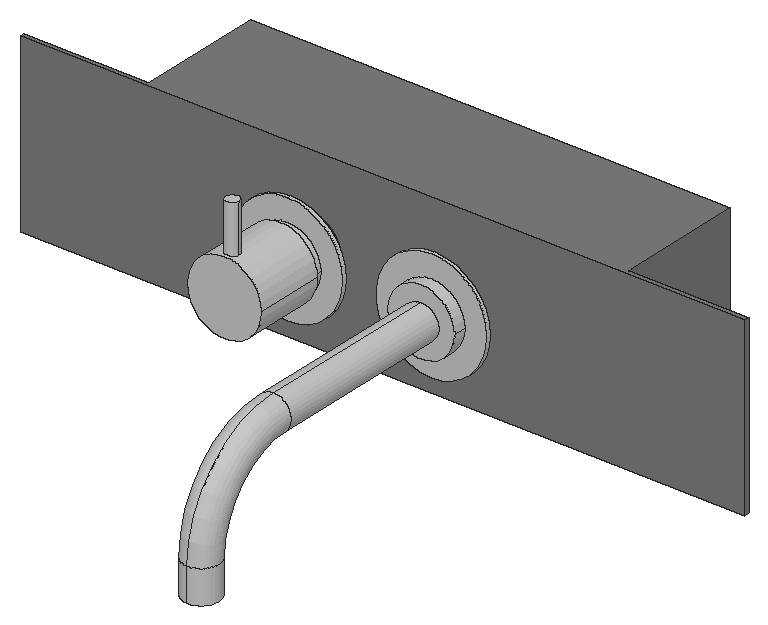
Revit family "911", category Plumbing Fixtures, Revit 2021
Family settings
  Round Connector Dimension = Use Diameter
  Part Type = Normal
  Work Plane-Based = No
  Always vertical = Yes
  Cut with Voids When Loaded = No
  Shared = No
  Room Calculation Point = No
Parameters
  e-mail = "info@vola.com"
  URL = "http://vola.com"
  Telephone = "+45 7023 5500"
  Quality management standard = "ISO 9001"
  Organisation no. / DUNS no. = "17531328"
  Occupational health and safety management standard = "ISO 18001"
  Mounting Instructions = "http://vola.com/service/producturl.ashx?name=911"
  Model = "911"
  Mixer Offset [instance] = 12.00 mm
  Mixer = yes
  Materials and components information = "http://vola.com/service/producturl.ashx?name=911"
  Manufacturer = "VOLA A/S"
  Maintenance Instructions = "http://vola.com/service/producturl.ashx?name=911"
  Guarantee = "2 years"
  Flow = "5,00 l/min"
  Environmental management standard = "ISO 14000"
  Default Elevation = 0.00 mm
  Connection - All relevant connections = "½\" for water connection"
  Approvals = "http://vola.com/service/producturl.ashx?name=911"
Reference planes
  plane 1 "Center (Front/Back)": y = 0
  plane 2: z = 0
  plane 3 "Center (Left/Right)": x = 0
  plane 4 "Mixer plane": y = 12
  plane 5 "Wall Surface": y = 0
Forms (mm)
  Extrusion 1, solid, material "Stainless Steel", visible <- "Mixer"
    sketch origin (-39, 12, -609.6) x (0, 0, -1) y (-1, 0, 0)
      loop
        circle (-609.6, 39) r 18
    from 0 to -12
  Extrusion 2, solid, material "Stainless Steel", visible <- "Mixer"
    sketch origin (-39, 12, -609.6) x (0, 0, -1) y (-1, 0, 0)
      loop
        circle (-609.6, -39) r 17
    from 0 to -12
Dimensions and locks
  "Mixer Offset": plane 4 "Mixer plane" to plane 1 "Center (Front/Back)"
  aligned and locked: plane 2 to level
  aligned and locked: nested 1 to plane 4 "Mixer plane"
  aligned and locked: plane 1 "Center (Front/Back)" to Extrusion 1
  aligned and locked: plane 1 "Center (Front/Back)" to Extrusion 2
Automatic sketch dimensions
  Extrusion 1 sketch curve to level = 0.00 mm
  Extrusion 1 sketch curve to plane 3 "Center (Left/Right)" = 78.00 mm
  Extrusion 2 sketch curve to level = 0.00 mm
  plane 3 "Center (Left/Right)" to Extrusion 2 sketch curve = 0.00 mm
  radius of Extrusion 1 sketch curve = 18.00 mm
  radius of Extrusion 2 sketch curve = 17.00 mm
Nested families
  nested 1: "900" at (-39, 83.5, -55), visible <- "Mixer", type "900"
  nested 2: "010" at (0, -2, 0), type "010"
  nested 3: "001" at (0, 0, 0) x (0, 0, -1) z (0, -1, 0), type "001"
  nested 4: "NR17" at (-78, -2, 0), type "NR17"
  nested 5: "001" at (-78, 0, 0) x (0, 0, -1) z (0, -1, 0), type "001"
Connectors
  piping at (-78, 60, -55), diameter 28
    settings: on nested 1, index 1, connector inside diameter 1.10236", connector length 0.00 mm, flow factor 0, pipe flow 0 GPM, pressure drop 0.00 psi, fitting loss kfactor 0, connector angle 0.00°, fixture units 0, engagement length 0.00 mm, angle of deflection 0.00°, flow configuration 0, flow direction 1, fitting loss method 0, system type 20, joint type 0, gender type 0, connector reference index -1, connector utility 0, adjustable connector no, is connector primary yes, connector description ""
Definition of nested family "900"
  Parameters
    e-mail = "info@vola.com"
    URL = "http://vola.com"
    Telephone = "+45 7023 5500"
    Quality management standard = "ISO 9001"
    Organisation no. / DUNS no. = "17531328"
    Occupational health and safety management standard = "ISO 18001"
    Mounting Instructions = "http://vola.com/service/producturl.ashx?name=900"
    Model = "900"
    Materials and components information = "http://vola.com/service/producturl.ashx?name=900"
    Manufacturer = "VOLA A/S"
    Maintenance Instructions = "http://vola.com/service/producturl.ashx?name=900"
    Guarantee = "2 years"
    Flow = "30,00 l/min"
    Environmental management standard = "ISO 14000"
    Default Elevation = 0.00 mm
    Connection - All relevant connections = ""
    Approvals = "http://vola.com/service/producturl.ashx?name=900"
  Reference planes
    plane 1 "Center (Front/Back)": y = 0
    plane 2: z = 0
    plane 3 "Center (Left/Right)": x = 0
    plane 4 "Inlet Center Plane": y = -23.5
    plane 5: z = 55
  Forms (mm)
    Extrusion 1, solid
      sketch origin (-27, 1.5, 7.5) x (0, 1, 0) y (1, 0, 0)
        loop
          circle (-25, -12) r 14
      from 0 to 7.5
    Extrusion 2, solid
      sketch origin (10, 0, -14) x (1, 0, 0) y (0, 1, 0)
        loop
          line (-137.5, 0) -> (-137.5, -69) -> (122.5, -69) -> (122.5, 0) -> (-137.5, 0)
      from 21.5 to 116.5
    Extrusion 3, solid
      sketch origin (10, -1, -14) x (1, 0, 0) y (0, 1, 0)
        loop
          line (-205, -68) -> (-205, -70.5) -> (187.5, -70.5) -> (187.5, -68) -> (-205, -68)
      from 21.5 to 116.5
  Cuts and joins
    joined: Extrusion 2, Extrusion 3
  Lines and regions (mm)
    reference lines
      curve 1: line (-39, -23.5, 55) -> (-39, -108.5, 55)
      curve 2: line (39, -23.5, 55) -> (39, -108.5, 55)
      curve 3: line (-39, -23.5, 55) -> (-39, -23.5, -44)
  Dimensions and locks
    aligned and locked: plane 2 to level
    aligned and locked: plane 5 to curve 3
    aligned and locked: Extrusion 2 to Extrusion 3
    aligned and locked: Extrusion 3 to Extrusion 2
Definition of nested family "010"
  Parameters
    e-mail = "info@vola.com"
    URL = "http://vola.com"
    Telephone = "+45 7023 5500"
    Quality management standard = "ISO 9001"
    Organisation no. / DUNS no. = "17531328"
    Occupational health and safety management standard = "ISO 18001"
    Mounting Instructions = "http://vola.com/service/producturl.ashx?name=010"
    Model = "010"
    Materials and components information = "http://vola.com/service/producturl.ashx?name=010"
    Manufacturer = "VOLA A/S"
    Maintenance Instructions = "http://vola.com/service/producturl.ashx?name=010"
    Guarantee = "2 years"
    Flow = "0 l/min"
    Environmental management standard = "ISO 14000"
    Default Elevation = 0.00 mm
    Connection - All relevant connections = ""
    Approvals = "http://vola.com/service/producturl.ashx?name=010"
  Reference planes
    plane 1 "Center (Front/Back)": y = 0
    plane 2: z = 0
    plane 3 "Center (Left/Right)": x = 0
  Forms (mm)
    Extrusion 1, solid
      sketch origin (0, 0, 0) x (1, 0, 0) y (0, 0, 1)
        loop
          circle (0, 0) r 18
      from 0 to 7
    Sweep 2, solid
      path origin (0, 0, 0) x (0, 1, 0) y (0, 0, 1)
        loop
          line (-7, 0) -> (-107, 0)
          arc (-107, 0) -> (-141.648, -14.352) -> (-156, -49) r 49
      profile origin (0, -141.648, -14.352) x (0, 0.707107, -0.707107) y (1, 0, 0)
        loop
          circle (0, 0) r 9.5
    Extrusion 3, solid
      sketch origin (0, -156, -49) x (0, -1, 0) y (-1, 0, 0)
        loop
          circle (0, 0) r 9.5
      from 0 to 18
  Dimensions and locks
    aligned and locked: plane 2 to level
Definition of nested family "001"
  Parameters
    e-mail = "info@vola.com"
    URL = "http://vola.com"
    Telephone = "+45 7023 5500"
    Quality management standard = "ISO 9001"
    Organisation no. / DUNS no. = "17531328"
    Occupational health and safety management standard = "ISO 18001"
    Mounting Instructions = "http://vola.com/service/producturl.ashx?name=001"
    Model = "001"
    Materials and components information = "http://vola.com/service/producturl.ashx?name=001"
    Manufacturer = "VOLA A/S"
    Maintenance Instructions = "http://vola.com/service/producturl.ashx?name=001"
    Guarantee = "2 years"
    Environmental management standard = "ISO 14000"
    Default Elevation = 1219.20 mm
    Connection - All relevant connections = ""
    Approvals = "http://vola.com/service/producturl.ashx?name=001"
  Reference planes
    plane 1 "Center (Front/Back)": y = 0
    plane 2: z = 0
    plane 3 "Center (Left/Right)": x = 0
  Forms (mm)
    Extrusion 1, solid
      sketch origin (0, 0, 0) x (1, 0, 0) y (0, 1, 0)
        loop
          circle (0, 0) r 16.5
        loop
          circle (0, 0) r 30
      from 0 to 2
  Dimensions and locks
    aligned and locked: plane 2 to level
Definition of nested family "NR17"
  Parameters
    e-mail = "info@vola.com"
    URL = "http://vola.com"
    Telephone = "+45 7023 5500"
    Quality management standard = "ISO 9001"
    Organisation no. / DUNS no. = "17531328"
    Occupational health and safety management standard = "ISO 18001"
    Mounting Instructions = "http://vola.com/service/producturl.ashx?name=NR17"
    Model = "NR17"
    Materials and components information = "http://vola.com/service/producturl.ashx?name=NR17"
    Manufacturer = "VOLA A/S"
    Maintenance Instructions = "http://vola.com/service/producturl.ashx?name=NR17"
    Guarantee = "2 years"
    Environmental management standard = "ISO 14000"
    Default Elevation = 0.00 mm
    Connection - All relevant connections = ""
    Approvals = "http://vola.com/service/producturl.ashx?name=NR17"
  Reference planes
    plane 1 "Center (Front/Back)": y = 0
    plane 2: z = 0
    plane 3 "Center (Left/Right)": x = 0
  Forms (mm)
    Extrusion 1, solid
      sketch origin (0, 0, 0) x (1, 0, 0) y (0, 0, 1)
        loop
          circle (0, 0) r 20
      from 5 to 42.5
    Extrusion 2, solid
      sketch origin (0, -2.75, 0) x (0, -1, 0) y (1, 0, 0)
        loop
          circle (34.5, 0) r 3.5
      from 19 to 45.5
    Extrusion 3, solid
      sketch origin (0, 0, 0) x (1, 0, 0) y (0, 0, 1)
        loop
          circle (0, 0) r 18
      from 0 to 5
  Cuts and joins
    joined: Extrusion 1, Extrusion 2
  Dimensions and locks
    aligned and locked: plane 2 to level
